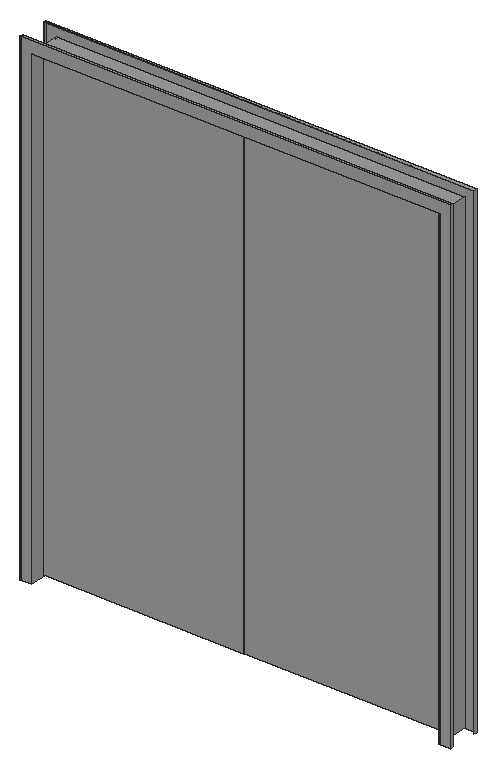
Revit family "gdlr200508_MMIDoor-COP", category Doors, host Wall, Revit 2014
Parameters (values of type "F")
  Wall Thickness [instance] = 0' - 6"
  Visual Light Transmittance = 0
  Vision Cutout = no
  Undercut [instance] = if(and(Desired Undercut > if(Nominal Height > 7' 11", 0' 0 11/16", 0' 0 1/4"), Desired Undercut < (3' 2" - 0' 4" - 0' 5 1/4")), Desired Undercut, if(Desired Undercut < 0' 0 3/4", if(Nominal Height > 7' 11", 0' 0 3/4", 0' 0 1/4"), (3' 2" - 0' 4" - 0' 5 1/4")))  # 0' - 0 3/4"
  URL = "http://mmiopenings.com/"
  Type Comments = ""
  Top Louver Blades [instance] = ((Top Cutout Height - 0' 0 11/16") / Louver Spacing)  # 11
  Narrow Cutout = no
  Top Glass = no
  Model = "COP-F"
  MMIOE HW Item VF [instance] = ""
  MMIOE HW Item MS [instance] = ""
  MMIOE HW Item LVR [instance] = ""
  MMIOE HW Item HNG [instance] = "dorma BTS75V"
  MMIOE HW Item ED [instance] = ""
  MMIOE HW Item DC [instance] = ""
  MMIOE HW Item DB [instance] = ""
  MMIOE HW Item CL [instance] = ""
  Louver Spacing [instance] = 0' - 1"  # constant formula
  Hardware Set = "01"
  Half Cutout = no
  Glass Finish [instance] = MMI Glass
  Desired Undercut [instance] = 0' - 0 3/4"
  Desired Cutout to Top [instance] = 0' - 0"
  Desired Cutout to Strike Edge [instance] = 0' - 0"
  Desired Cutout to Bottom [instance] = 0' - 0"
  Desired Bottom Cutout Width [instance] = 1' - 0"
  Desired Bottom Cutout Height [instance] = 1' - 0"
  Description = "Flush Single Door with Cased Opening Frame"
  Bottom Louver Blades [instance] = ((Bottom Cutout Height - 0' 0 11/16") / Louver Spacing)  # 11
  Bottom Glass = no
  Bottom Cutout to Strike Edge [instance] = (Net Width - Bottom Cutout Width) / 2  # 0' - 11 5/8"
  Bottom Cutout Width [instance] = if(and((Net Width - Desired Bottom Cutout Width) > (0' 5 5/8" * 2), Desired Bottom Cutout Width > 0' 3 15/16"), Desired Bottom Cutout Width, if(Desired Bottom Cutout Width < 0' 4", 0' 4", Net Width - (0' 5 5/8" * 2)))  # 1' - 0"
  Bottom Cutout Visibility [instance] = if(Bottom Cutout, 0' 1 3/4", -0' 1 3/4")  # -0' - 1 3/4"
  Bottom Cutout Height [instance] = if(and(Desired Bottom Cutout Height < (3' 2" - 0' 5 1/4"), Desired Bottom Cutout Height > 0' 3 15/16"), Desired Bottom Cutout Height, if(Desired Bottom Cutout Height < 0' 4", 0' 4", (3' 2" - 0' 5 1/4")))  # 1' - 0"
  Bottom Cutout = no
  Full Cutout = no
  Desired Top Cutout Width [instance] = 1' - 0"
  Desired Top Cutout Height [instance] = 1' - 0"
  Cutout to Top [instance] = if(and(Desired Cutout to Top > 0' 7 13/16", Desired Cutout to Top < Nominal Height - if(Full Cutout, 0' 0 1/8" + Top Cutout Height + Undercut + 0' 5 1/4", 0' 0 1/8" + Top Cutout Height + 3' 8")), Desired Cutout to Top, if(Desired Cutout to Top < 0' 7 7/8", 0' 7 7/8", Nominal Height - 0' 0 1/8" - Top Cutout Height - if(Full Cutout, Undercut + 0' 5 1/4", 3' 8")))  # 0' - 7 7/8"
  Top Cutout to Strike Edge [instance] = if(Narrow Cutout, if(and(Desired Cutout to Strike Edge > 0' 5 5/8", Desired Cutout to Strike Edge < Net Width - Top Cutout Width - 0' 5 5/8"), Desired Cutout to Strike Edge, 0' 5 5/8"), (Net Width - Top Cutout Width) / 2)  # 0' - 11 5/8"
  Cutout to Bottom [instance] = if(and(Desired Cutout to Bottom > 0' 5 3/16", Desired Cutout to Bottom < (3' 2" - Bottom Cutout Height)), Desired Cutout to Bottom, if(Desired Cutout to Bottom < 0' 5 1/4", 0' 5 1/4", 3' 2" - Bottom Cutout Height))  # 0' - 5 1/4"
  Thickness = 0' - 1 3/4"  # constant formula
  Thermal Resistance (R) = 0.2701 (m²·K)/W
  Solar Heat Gain Coefficient = 0
  Rough Width [instance] = Nominal Width + Frame Width Inset  # 6' - 4"
  Rough Height [instance] = Nominal Height + Frame Height Inset  # 7' - 2"
  Nominal Width [instance] = if(and(Desired Nominal Width < 8' 0 1/16", Desired Nominal Width > 2' 0"), Desired Nominal Width, if(Desired Nominal Width > 8' 0 1/16", 8' 0", 2' 0"))  # 6' - 0"
  Nominal Height [instance] = if(and(Desired Nominal Height < 8' 0 1/16", Desired Nominal Height > 6' 8"), Desired Nominal Height, if(Desired Nominal Height > 8' 0 1/16", 8' 0", 6' 8"))  # 7' - 0"
  Net Width [instance] = Nominal Width / 2 - 0' 0 1/8" - 0' 0 5/8"  # 2' - 11 1/4"
  Net Height [instance] = Nominal Height - Undercut - 0' 0 1/8"  # 6' - 11 1/8"
  Masonry Frame Profile [instance] = if(Masonry, if(and(Desired Profile < 1' 1 1/2", Desired Profile > 0' 3 3/4"), Desired Profile, if(Desired Profile > 1' 1 1/2", 1' 1 1/2", 0' 3 3/4")), Wall Thickness)  # 0' - 5 3/4"
  Frame Inset [instance] = (Wall Thickness - Masonry Frame Profile) / 2  # 0' - 0 1/8"
  Masonry [instance] = yes
  Manufacturer = "Metal Maufacturing Industries"
  Lock Height [instance] = 3' 3 9/16" + 0' 0 3/4"  # 3' - 4 5/16"
  Jamb Face [instance] = 0' - 2"  # constant formula
  Inset Calculate [instance] = Frame Inset + 0' 0 1/2" + (Masonry Frame Profile / 2) - (Thickness / 2)  # 0' - 2 5/8"
  Heat Transfer Coefficient (U) = 3.7021 W/(m²·K)
  Header Face [instance] = 0' - 2"  # constant formula
  Function = Exterior
  Frame Width Inset [instance] = if(Masonry, Jamb Face * 2, 0' 2")  # 0' - 4"
  Frame Projection Ext. = 0' - 1"
  Frame Projection Int. = 0' - 1"
  Frame Width = 0' - 3"
  Height = 7' - 0"
  Wall Closure = By host
  Width = 3' - 0"
  Frame Height Inset [instance] = if(Masonry, Header Face, 0' 1")  # 0' - 2"
  Frame Finish [instance] = MMI Gray Primer
  Drywall Frame Profile [instance] = if(Masonry, Wall Thickness + 0' 1", if(Wall Thickness < 0' 8 1/2", Wall Thickness + 0' 1", 0' 9 1/2"))  # 0' - 7"
  Drywall [instance] = not(Masonry)  # no
  Door Type [instance] = "Flush"
  Door Material [instance] = "Cold Rolled"
  Door Gauge [instance] = "18"
  Door Finish [instance] = MMI Gray Primer
  Desired Profile [instance] = 0' - 5 3/4"
  Desired Nominal Width [instance] = 6' - 0"
  Desired Nominal Height [instance] = 7' - 0"
  Top Cutout Width [instance] = if(and((Net Width - Desired Top Cutout Width) > (0' 5 5/8" * 2), Desired Top Cutout Width > 0' 3 15/16"), Desired Top Cutout Width, if(Desired Top Cutout Width < 0' 4", 0' 4", Net Width - (0' 5 5/8" * 2)))  # 1' - 0"
  Top Cutout Height [instance] = if(and(Desired Top Cutout Height < (Nominal Height - 0' 8" - Undercut - 0' 5 1/4"), Desired Top Cutout Height > 0' 3 15/16"), Desired Top Cutout Height, if(Desired Top Cutout Height < 0' 4", 0' 4", Nominal Height - 0' 8" - Undercut - 0' 5 1/4"))  # 1' - 0"
  Top Cutout Visibility [instance] = if(or(or(Vision Cutout, Narrow Cutout), or(Half Cutout, Full Cutout)), 0' 1 3/4", -0' 1 3/4")  # -0' - 1 3/4"
  Core [instance] = "Honey Comb"
  Bottom Louver = no
  Backset [instance] = 0' - 2 3/4"  # constant formula
  Analytic Construction = "Metal"
  Top Louver = no
Reference planes (in)
  plane 1: y = 0
  plane 2 "Center (Left/Right)": x = 0
  plane 3 "Left": x = -38
  plane 4 "Right": x = 38
  plane 5: z = 86
  plane 6 "Exterior": y = 3
  plane 7 "Interior": y = -3
  plane 8: y = 3.5
  plane 9: y = -3.5
  plane 10 "Door Face": y = 0.875
Forms (in)
  Sweep 1, solid, material "MMI Gray Primer" <- "Frame Finish", visible <- "Masonry"
    path origin (-196.85039, 0, 0) x (-1, 0, 0) y (0, 0, 1)
      loop
        line (-234.85039, 0) -> (-234.85039, 86) -> (-158.85039, 86) -> (-158.85039, 0)
    profile origin (38, 0, 43) x (1, 0, 0) y (0, 1, 0)
      loop
        line (0, 2.375) -> (0, 2.875) -> (-2, 2.875) -> (-2, -2.875) -> (0, -2.875) -> (0, -2.375) -> (-0.0625, -2.375) -> (-0.0625, -2.8125) -> (-1.9375, -2.8125) -> (-1.9375, 2.8125) -> (-0.0625, 2.8125) -> (-0.0625, 2.375) -> (0, 2.375)
  Sweep 2, solid, material "MMI Gray Primer" <- "Frame Finish", visible <- "Drywall"
    path origin (-196.85039, 0, 0) x (-1, 0, 0) y (0, 0, 1)
      loop
        line (-158.85039, 0) -> (-158.85039, 86) -> (-234.85039, 86) -> (-234.85039, 0)
    profile origin (38, 0, 43) x (0, 1, 0) y (-1, 0, 0)
      loop
        line (3, -1) -> (3.5, -1) -> (3.5, 1) -> (-3.5, 1) -> (-3.5, -1) -> (-3, -1) -> (-3, -0.75) -> (-3.0625, -0.75) -> (-3.0625, -0.9375) -> (-3.4375, -0.9375) -> (-3.4375, 0.9375) -> (3.4375, 0.9375) -> (3.4375, -0.9375) -> (3.0625, -0.9375) -> (3.0625, -0.75) -> (3, -0.75) -> (3, -1)
  Extrusion 3, solid, material "MMI Gray Primer" <- "Door Finish", detail levels medium+fine
    sketch origin (10, 0.875, 0) x (1, 0, 0) y (0, 0, 1)
      loop
        line (25.375, 0.75) -> (25.375, 83.875) -> (-9.875, 83.875) -> (-9.875, 0.75) -> (25.375, 0.75)
    from 0 to 1.75
  Extrusion 4, void
    sketch origin (0, 0.875, 0) x (1, 0, 0) y (0, 0, 1)
      loop
        line (23.75, 76) -> (11.75, 76) -> (11.75, 64) -> (23.75, 64) -> (23.75, 76)
    from -0.5 to -1.75 <- "Top Cutout Visibility"
  Extrusion 5, void
    sketch origin (0, 0.875, -38) x (1, 0, 0) y (0, 0, 1)
      loop
        line (23.75, 56) -> (11.75, 56) -> (11.75, 44) -> (23.75, 44) -> (23.75, 56)
    from -0.5 to -1.75 <- "Bottom Cutout Visibility"
  Extrusion 6, solid, material "MMI Glass" <- "Glass Finish", visible <- "Top Glass", detail levels fine
    sketch origin (0, 0.875, 0) x (1, 0, 0) y (0, 0, 1)
      loop
        line (23.75, 76) -> (11.75, 76) -> (11.75, 64) -> (23.75, 64) -> (23.75, 76)
    from 0.75 to 1
  Sweep 7, solid, material "Satin Chrome", visible <- "Top Glass", detail levels fine
    path origin (0, -0.125, 0) x (1, 0, 0) y (0, 0, 1)
      loop
        line (23.5, 64) -> (23.5, 76) -> (11.5, 76) -> (11.5, 64) -> (23.5, 64)
    profile origin (23.5, -0.125, 70) x (-1, 0, 0) y (0, -1, 0)
      loop
        line (-0.5, -1) -> (-0.5, -1.07813) -> (0.5, -1.07813) -> (1, -0.3125) -> (0, -0.3125) -> (0, 0.0625) -> (1, 0.0625) -> (0.5, 0.82812) -> (-0.5, 0.82812) -> (-0.5, 0.75) -> (0.45771, 0.75) -> (0.85567, 0.14062) -> (-0.07813, 0.14062) -> (-0.07813, -0.39063) -> (0.85567, -0.39063) -> (0.45771, -1) -> (-0.5, -1)
  Sweep 8, solid, material "Satin Chrome", visible <- "Bottom Glass", detail levels fine
    path origin (0, -0.125, -38) x (1, 0, 0) y (0, 0, 1)
      loop
        line (23.75, 44) -> (23.75, 56) -> (11.75, 56) -> (11.75, 44) -> (23.75, 44)
    profile origin (23.75, -0.125, 12) x (-1, 0, 0) y (0, -1, 0)
      loop
        line (-0.5, -1) -> (-0.5, -1.07813) -> (0.5, -1.07813) -> (1, -0.3125) -> (0, -0.3125) -> (0, 0.0625) -> (1, 0.0625) -> (0.5, 0.82812) -> (-0.5, 0.82812) -> (-0.5, 0.75) -> (0.45771, 0.75) -> (0.85567, 0.14062) -> (-0.07813, 0.14062) -> (-0.07813, -0.39063) -> (0.85567, -0.39063) -> (0.45771, -1) -> (-0.5, -1)
  Sweep 9, solid, material "Satin Chrome", visible <- "Bottom Louver", detail levels fine
    path origin (0, -0.125, 0) x (1, 0, 0) y (0, 0, 1)
      loop
        line (23.75, 6) -> (23.75, 18) -> (11.75, 18) -> (11.75, 6) -> (23.75, 6)
    profile origin (17.75, -0.125, 6) x (0, 0, -1) y (0, -1, 0)
      loop
        line (0.4375, 0.75) -> (0.25, 1) -> (-0.6875, 1) -> (-0.6875, 0.4375) -> (-0.125, 0.4375) -> (-0.125, -0.6875) -> (-0.6875, -0.6875) -> (-0.6875, -1.25) -> (0.25, -1.25) -> (0.4375, -1) -> (0.36914, -1) -> (0.22266, -1.19531) -> (-0.63281, -1.19531) -> (-0.63281, -0.74219) -> (-0.07031, -0.74219) -> (-0.07031, 0.49219) -> (-0.63281, 0.49219) -> (-0.63281, 0.94531) -> (0.22266, 0.94531) -> (0.36914, 0.75) -> (0.4375, 0.75)
  Sweep 10, solid, material "Satin Chrome", visible <- "Top Louver", detail levels fine
    path origin (0, -0.125, 38) x (1, 0, 0) y (0, 0, 1)
      loop
        line (23.5, 26) -> (23.5, 38) -> (11.5, 38) -> (11.5, 26) -> (23.5, 26)
    profile origin (17.5, -0.125, 64) x (0, 0, -1) y (0, -1, 0)
      loop
        line (0.4375, 0.75) -> (0.25, 1) -> (-0.6875, 1) -> (-0.6875, 0.4375) -> (-0.125, 0.4375) -> (-0.125, -0.6875) -> (-0.6875, -0.6875) -> (-0.6875, -1.25) -> (0.25, -1.25) -> (0.4375, -1) -> (0.36914, -1) -> (0.22266, -1.19531) -> (-0.63281, -1.19531) -> (-0.63281, -0.74219) -> (-0.07031, -0.74219) -> (-0.07031, 0.49219) -> (-0.63281, 0.49219) -> (-0.63281, 0.94531) -> (0.22266, 0.94531) -> (0.36914, 0.75) -> (0.4375, 0.75)
  Extrusion 11, solid, material "Satin Chrome", visible <- "Bottom Louver", detail levels fine
    sketch origin (23.75, 0.875, 6) x (0, 0, 1) y (0, 1, 0)
      loop
        line (0.6875, -0.3125) -> (0.6875, -0.35937) -> (1.10558, -0.35937) -> (1.62121, -0.875) -> (1.10558, -1.39062) -> (0.6875, -1.39062) -> (0.6875, -1.4375) -> (1.125, -1.4375) -> (1.6875, -0.875) -> (1.125, -0.3125) -> (0.6875, -0.3125)
    from 0 to 12 <- "Bottom Cutout Width"
  Extrusion 12, solid, material "Satin Chrome", visible <- "Bottom Louver", detail levels fine
    sketch origin (23.75, 0.875, 7) x (0, 0, 1) y (0, 1, 0)
      loop
        line (0.6875, -0.3125) -> (0.6875, -0.35937) -> (1.10558, -0.35937) -> (1.62121, -0.875) -> (1.10558, -1.39062) -> (0.6875, -1.39062) -> (0.6875, -1.4375) -> (1.125, -1.4375) -> (1.6875, -0.875) -> (1.125, -0.3125) -> (0.6875, -0.3125)
    from 0 to 12 <- "Bottom Cutout Width"
  Extrusion 13, solid, material "MMI Glass" <- "Glass Finish", visible <- "Bottom Glass", detail levels fine
    sketch origin (0, 0.875, -38) x (1, 0, 0) y (0, 0, 1)
      loop
        line (23.75, 56) -> (11.75, 56) -> (11.75, 44) -> (23.75, 44) -> (23.75, 56)
    from 0.75 to 1
  Extrusion 14, solid, material "Satin Chrome", visible <- "Top Louver", detail levels fine
    sketch origin (23.75, 0.875, 48) x (0, 0, 1) y (0, 1, 0)
      loop
        line (26.75, -0.3125) -> (26.3125, -0.3125) -> (26.3125, -0.35937) -> (26.73058, -0.35937) -> (27.24621, -0.875) -> (26.73058, -1.39062) -> (26.3125, -1.39062) -> (26.3125, -1.4375) -> (26.75, -1.4375) -> (27.3125, -0.875) -> (26.75, -0.3125)
    from 0 to 12 <- "Top Cutout Width"
  Extrusion 15, solid, material "Satin Chrome", visible <- "Top Louver", detail levels fine
    sketch origin (23.75, 0.875, 47) x (0, 0, 1) y (0, 1, 0)
      loop
        line (26.75, -0.3125) -> (26.3125, -0.3125) -> (26.3125, -0.35937) -> (26.73058, -0.35937) -> (27.24621, -0.875) -> (26.73058, -1.39062) -> (26.3125, -1.39062) -> (26.3125, -1.4375) -> (26.75, -1.4375) -> (27.3125, -0.875) -> (26.75, -0.3125)
    from 0 to 12 <- "Top Cutout Width"
  Extrusion 16, solid, material "MMI Gray Primer" <- "Door Finish", detail levels medium+fine
    sketch origin (-10, 0.875, 0) x (-1, 0, 0) y (0, 0, -1)
      loop
        line (25.375, -0.75) -> (-9.875, -0.75) -> (-9.875, -83.875) -> (25.375, -83.875) -> (25.375, -0.75)
    from 0 to 1.75
  Extrusion 17, void
    sketch origin (18, 0.875, 47.24409) x (-1, 0, 0) y (0, 0, 1)
      loop
        line (29.75, 28.75591) -> (29.75, 16.75591) -> (41.75, 16.75591) -> (41.75, 28.75591) -> (29.75, 28.75591)
    from 0.5 to 1.75
  Extrusion 18, void
    sketch origin (18, 0.875, 47.24409) x (-1, 0, 0) y (0, 0, 1)
      loop
        line (29.75, -29.24409) -> (29.75, -41.24409) -> (41.75, -41.24409) -> (41.75, -29.24409) -> (29.75, -29.24409)
    from 0.5 to 1.75
  Sweep 19, solid, material "Satin Chrome", visible <- "Bottom Glass", detail levels fine
    path origin (-36, -0.125, -38) x (1, 0, 0) y (0, 0, 1)
      loop
        line (24.25, 44) -> (24.25, 56) -> (12.25, 56) -> (12.25, 44) -> (24.25, 44)
    profile origin (-11.75, -0.125, 12) x (-1, 0, 0) y (0, -1, 0)
      loop
        line (-0.5, -1) -> (-0.5, -1.07813) -> (0.5, -1.07813) -> (1, -0.3125) -> (0, -0.3125) -> (0, 0.0625) -> (1, 0.0625) -> (0.5, 0.82812) -> (-0.5, 0.82812) -> (-0.5, 0.75) -> (0.45771, 0.75) -> (0.85567, 0.14062) -> (-0.07813, 0.14062) -> (-0.07813, -0.39063) -> (0.85567, -0.39063) -> (0.45771, -1) -> (-0.5, -1)
  Sweep 20, solid, material "Satin Chrome", visible <- "Bottom Louver", detail levels fine
    path origin (-26.49832, -0.125, 33.82146) x (1, 0, 0) y (0, 0, 1)
      loop
        line (14.74832, -27.82146) -> (14.74832, -15.82146) -> (2.74832, -15.82146) -> (2.74832, -27.82146) -> (14.74832, -27.82146)
    profile origin (-17.75, -0.125, 6) x (0, 0, -1) y (0, -1, 0)
      loop
        line (0.4375, 0.75) -> (0.25, 1) -> (-0.6875, 1) -> (-0.6875, 0.4375) -> (-0.125, 0.4375) -> (-0.125, -0.6875) -> (-0.6875, -0.6875) -> (-0.6875, -1.25) -> (0.25, -1.25) -> (0.4375, -1) -> (0.36914, -1) -> (0.22266, -1.19531) -> (-0.63281, -1.19531) -> (-0.63281, -0.74219) -> (-0.07031, -0.74219) -> (-0.07031, 0.49219) -> (-0.63281, 0.49219) -> (-0.63281, 0.94531) -> (0.22266, 0.94531) -> (0.36914, 0.75) -> (0.4375, 0.75)
  Extrusion 21, solid, material "MMI Glass" <- "Glass Finish", visible <- "Bottom Glass", detail levels fine
    sketch origin (-36, 0.875, -38) x (1, 0, 0) y (0, 0, 1)
      loop
        line (24.25, 56) -> (12.25, 56) -> (12.25, 44) -> (24.25, 44) -> (24.25, 56)
    from 0.75 to 1
  Sweep 22, solid, material "Satin Chrome", visible <- "Top Glass", detail levels fine
    path origin (-36, -0.125, 28) x (1, 0, 0) y (0, 0, 1)
      loop
        line (24.25, 36) -> (24.25, 48) -> (12.25, 48) -> (12.25, 36) -> (24.25, 36)
    profile origin (-11.75, -0.125, 70) x (-1, 0, 0) y (0, -1, 0)
      loop
        line (-0.5, -1) -> (-0.5, -1.07813) -> (0.5, -1.07813) -> (1, -0.3125) -> (0, -0.3125) -> (0, 0.0625) -> (1, 0.0625) -> (0.5, 0.82812) -> (-0.5, 0.82812) -> (-0.5, 0.75) -> (0.45771, 0.75) -> (0.85567, 0.14062) -> (-0.07813, 0.14062) -> (-0.07813, -0.39063) -> (0.85567, -0.39063) -> (0.45771, -1) -> (-0.5, -1)
  Sweep 23, solid, material "Satin Chrome", visible <- "Top Louver", detail levels fine
    path origin (-36, -0.125, 66) x (1, 0, 0) y (0, 0, 1)
      loop
        line (24.25, -2) -> (24.25, 10) -> (12.25, 10) -> (12.25, -2) -> (24.25, -2)
    profile origin (-17.75, -0.125, 64) x (0, 0, -1) y (0, -1, 0)
      loop
        line (0.4375, 0.75) -> (0.25, 1) -> (-0.6875, 1) -> (-0.6875, 0.4375) -> (-0.125, 0.4375) -> (-0.125, -0.6875) -> (-0.6875, -0.6875) -> (-0.6875, -1.25) -> (0.25, -1.25) -> (0.4375, -1) -> (0.36914, -1) -> (0.22266, -1.19531) -> (-0.63281, -1.19531) -> (-0.63281, -0.74219) -> (-0.07031, -0.74219) -> (-0.07031, 0.49219) -> (-0.63281, 0.49219) -> (-0.63281, 0.94531) -> (0.22266, 0.94531) -> (0.36914, 0.75) -> (0.4375, 0.75)
  Extrusion 24, solid, material "MMI Glass" <- "Glass Finish", visible <- "Top Glass", detail levels fine
    sketch origin (-36, 0.875, 28) x (1, 0, 0) y (0, 0, 1)
      loop
        line (24.25, 48) -> (12.25, 48) -> (12.25, 36) -> (24.25, 36) -> (24.25, 48)
    from 0.75 to 1
  Extrusion 25, solid, material "Satin Chrome", visible <- "Top Louver", detail levels fine
    sketch origin (-11.75, 0.875, 72) x (0, 0, 1) y (0, 1, 0)
      loop
        line (2.3125, -0.35937) -> (2.73058, -0.35937) -> (3.24621, -0.875) -> (2.73058, -1.39062) -> (2.3125, -1.39062) -> (2.3125, -1.4375) -> (2.75, -1.4375) -> (3.3125, -0.875) -> (2.75, -0.3125) -> (2.3125, -0.3125) -> (2.3125, -0.35937)
    from 0 to 12 <- "Top Cutout Width"
  Extrusion 26, solid, material "Satin Chrome", visible <- "Top Louver", detail levels fine
    sketch origin (-11.75, 0.875, 71) x (0, 0, 1) y (0, 1, 0)
      loop
        line (2.3125, -0.35937) -> (2.73058, -0.35937) -> (3.24621, -0.875) -> (2.73058, -1.39062) -> (2.3125, -1.39062) -> (2.3125, -1.4375) -> (2.75, -1.4375) -> (3.3125, -0.875) -> (2.75, -0.3125) -> (2.3125, -0.3125) -> (2.3125, -0.35937)
    from 0 to 12 <- "Top Cutout Width"
  Extrusion 27, solid, material "Satin Chrome", visible <- "Bottom Louver", detail levels fine
    sketch origin (-11.75, -0.1875, 6) x (0, 0, 1) y (0, 1, 0)
      loop
        line (0.6875, 0.75) -> (0.6875, 0.70313) -> (1.10558, 0.70313) -> (1.62121, 0.1875) -> (1.10558, -0.32812) -> (0.6875, -0.32812) -> (0.6875, -0.375) -> (1.125, -0.375) -> (1.6875, 0.1875) -> (1.125, 0.75) -> (0.6875, 0.75)
    from 0 to 12 <- "Bottom Cutout Width"
  Extrusion 28, solid, material "Satin Chrome", visible <- "Bottom Louver", detail levels fine
    sketch origin (-11.75, -0.1875, 7) x (0, 0, 1) y (0, 1, 0)
      loop
        line (0.6875, 0.75) -> (0.6875, 0.70313) -> (1.10558, 0.70313) -> (1.62121, 0.1875) -> (1.10558, -0.32812) -> (0.6875, -0.32812) -> (0.6875, -0.375) -> (1.125, -0.375) -> (1.6875, 0.1875) -> (1.125, 0.75) -> (0.6875, 0.75)
    from 0 to 12 <- "Bottom Cutout Width"
  Extrusion 29, solid, material "Satin Chrome", visible <- "Bottom Louver", detail levels fine
    sketch origin (23.75, 0.875, 8) x (0, 0, 1) y (0, 1, 0)
      loop
        line (0.6875, -0.3125) -> (0.6875, -0.35937) -> (1.10558, -0.35937) -> (1.62121, -0.875) -> (1.10558, -1.39062) -> (0.6875, -1.39062) -> (0.6875, -1.4375) -> (1.125, -1.4375) -> (1.6875, -0.875) -> (1.125, -0.3125) -> (0.6875, -0.3125)
    from 0 to 12 <- "Bottom Cutout Width"
  Extrusion 30, solid, material "Satin Chrome", visible <- "Top Louver", detail levels fine
    sketch origin (23.75, 0.875, 46) x (0, 0, 1) y (0, 1, 0)
      loop
        line (26.75, -0.3125) -> (26.3125, -0.3125) -> (26.3125, -0.35937) -> (26.73058, -0.35937) -> (27.24621, -0.875) -> (26.73058, -1.39062) -> (26.3125, -1.39062) -> (26.3125, -1.4375) -> (26.75, -1.4375) -> (27.3125, -0.875) -> (26.75, -0.3125)
    from 0 to 12 <- "Top Cutout Width"
  Extrusion 31, solid, material "Satin Chrome", visible <- "Top Louver", detail levels fine
    sketch origin (-11.75, 0.875, 70) x (0, 0, 1) y (0, 1, 0)
      loop
        line (2.3125, -0.35937) -> (2.73058, -0.35937) -> (3.24621, -0.875) -> (2.73058, -1.39062) -> (2.3125, -1.39062) -> (2.3125, -1.4375) -> (2.75, -1.4375) -> (3.3125, -0.875) -> (2.75, -0.3125) -> (2.3125, -0.3125) -> (2.3125, -0.35937)
    from 0 to 12 <- "Top Cutout Width"
  Extrusion 32, solid, material "Satin Chrome", visible <- "Bottom Louver", detail levels fine
    sketch origin (-11.75, -0.1875, 8) x (0, 0, 1) y (0, 1, 0)
      loop
        line (0.6875, 0.75) -> (0.6875, 0.70313) -> (1.10558, 0.70313) -> (1.62121, 0.1875) -> (1.10558, -0.32812) -> (0.6875, -0.32812) -> (0.6875, -0.375) -> (1.125, -0.375) -> (1.6875, 0.1875) -> (1.125, 0.75) -> (0.6875, 0.75)
    from 0 to 12 <- "Bottom Cutout Width"
  Extrusion 33, solid, material "Satin Chrome", visible <- "Bottom Louver", detail levels fine
    sketch origin (23.75, 0.875, 9) x (0, 0, 1) y (0, 1, 0)
      loop
        line (0.6875, -0.3125) -> (0.6875, -0.35937) -> (1.10558, -0.35937) -> (1.62121, -0.875) -> (1.10558, -1.39062) -> (0.6875, -1.39062) -> (0.6875, -1.4375) -> (1.125, -1.4375) -> (1.6875, -0.875) -> (1.125, -0.3125) -> (0.6875, -0.3125)
    from 0 to 12 <- "Bottom Cutout Width"
  Extrusion 34, solid, material "Satin Chrome", visible <- "Bottom Louver", detail levels fine
    sketch origin (23.75, 0.875, 10) x (0, 0, 1) y (0, 1, 0)
      loop
        line (0.6875, -0.3125) -> (0.6875, -0.35937) -> (1.10558, -0.35937) -> (1.62121, -0.875) -> (1.10558, -1.39062) -> (0.6875, -1.39062) -> (0.6875, -1.4375) -> (1.125, -1.4375) -> (1.6875, -0.875) -> (1.125, -0.3125) -> (0.6875, -0.3125)
    from 0 to 12 <- "Bottom Cutout Width"
  Extrusion 35, solid, material "Satin Chrome", visible <- "Bottom Louver", detail levels fine
    sketch origin (23.75, 0.875, 11) x (0, 0, 1) y (0, 1, 0)
      loop
        line (0.6875, -0.3125) -> (0.6875, -0.35937) -> (1.10558, -0.35937) -> (1.62121, -0.875) -> (1.10558, -1.39062) -> (0.6875, -1.39062) -> (0.6875, -1.4375) -> (1.125, -1.4375) -> (1.6875, -0.875) -> (1.125, -0.3125) -> (0.6875, -0.3125)
    from 0 to 12 <- "Bottom Cutout Width"
  Extrusion 36, solid, material "Satin Chrome", visible <- "Bottom Louver", detail levels fine
    sketch origin (23.75, 0.875, 12) x (0, 0, 1) y (0, 1, 0)
      loop
        line (0.6875, -0.3125) -> (0.6875, -0.35937) -> (1.10558, -0.35937) -> (1.62121, -0.875) -> (1.10558, -1.39062) -> (0.6875, -1.39062) -> (0.6875, -1.4375) -> (1.125, -1.4375) -> (1.6875, -0.875) -> (1.125, -0.3125) -> (0.6875, -0.3125)
    from 0 to 12 <- "Bottom Cutout Width"
  Extrusion 37, solid, material "Satin Chrome", visible <- "Bottom Louver", detail levels fine
    sketch origin (23.75, 0.875, 13) x (0, 0, 1) y (0, 1, 0)
      loop
        line (0.6875, -0.3125) -> (0.6875, -0.35937) -> (1.10558, -0.35937) -> (1.62121, -0.875) -> (1.10558, -1.39062) -> (0.6875, -1.39062) -> (0.6875, -1.4375) -> (1.125, -1.4375) -> (1.6875, -0.875) -> (1.125, -0.3125) -> (0.6875, -0.3125)
    from 0 to 12 <- "Bottom Cutout Width"
  Extrusion 38, solid, material "Satin Chrome", visible <- "Bottom Louver", detail levels fine
    sketch origin (23.75, 0.875, 14) x (0, 0, 1) y (0, 1, 0)
      loop
        line (0.6875, -0.3125) -> (0.6875, -0.35937) -> (1.10558, -0.35937) -> (1.62121, -0.875) -> (1.10558, -1.39062) -> (0.6875, -1.39062) -> (0.6875, -1.4375) -> (1.125, -1.4375) -> (1.6875, -0.875) -> (1.125, -0.3125) -> (0.6875, -0.3125)
    from 0 to 12 <- "Bottom Cutout Width"
  Extrusion 39, solid, material "Satin Chrome", visible <- "Bottom Louver", detail levels fine
    sketch origin (23.75, 0.875, 15) x (0, 0, 1) y (0, 1, 0)
      loop
        line (0.6875, -0.3125) -> (0.6875, -0.35937) -> (1.10558, -0.35937) -> (1.62121, -0.875) -> (1.10558, -1.39062) -> (0.6875, -1.39062) -> (0.6875, -1.4375) -> (1.125, -1.4375) -> (1.6875, -0.875) -> (1.125, -0.3125) -> (0.6875, -0.3125)
    from 0 to 12 <- "Bottom Cutout Width"
  Extrusion 40, solid, material "Satin Chrome", visible <- "Bottom Louver", detail levels fine
    sketch origin (23.75, 0.875, 16) x (0, 0, 1) y (0, 1, 0)
      loop
        line (0.6875, -0.3125) -> (0.6875, -0.35937) -> (1.10558, -0.35937) -> (1.62121, -0.875) -> (1.10558, -1.39062) -> (0.6875, -1.39062) -> (0.6875, -1.4375) -> (1.125, -1.4375) -> (1.6875, -0.875) -> (1.125, -0.3125) -> (0.6875, -0.3125)
    from 0 to 12 <- "Bottom Cutout Width"
  Extrusion 41, solid, material "Satin Chrome", visible <- "Top Louver", detail levels fine
    sketch origin (23.75, 0.875, 45) x (0, 0, 1) y (0, 1, 0)
      loop
        line (26.75, -0.3125) -> (26.3125, -0.3125) -> (26.3125, -0.35937) -> (26.73058, -0.35937) -> (27.24621, -0.875) -> (26.73058, -1.39062) -> (26.3125, -1.39062) -> (26.3125, -1.4375) -> (26.75, -1.4375) -> (27.3125, -0.875) -> (26.75, -0.3125)
    from 0 to 12 <- "Top Cutout Width"
  Extrusion 42, solid, material "Satin Chrome", visible <- "Top Louver", detail levels fine
    sketch origin (23.75, 0.875, 44) x (0, 0, 1) y (0, 1, 0)
      loop
        line (26.75, -0.3125) -> (26.3125, -0.3125) -> (26.3125, -0.35937) -> (26.73058, -0.35937) -> (27.24621, -0.875) -> (26.73058, -1.39062) -> (26.3125, -1.39062) -> (26.3125, -1.4375) -> (26.75, -1.4375) -> (27.3125, -0.875) -> (26.75, -0.3125)
    from 0 to 12 <- "Top Cutout Width"
  Extrusion 43, solid, material "Satin Chrome", visible <- "Top Louver", detail levels fine
    sketch origin (23.75, 0.875, 43) x (0, 0, 1) y (0, 1, 0)
      loop
        line (26.75, -0.3125) -> (26.3125, -0.3125) -> (26.3125, -0.35937) -> (26.73058, -0.35937) -> (27.24621, -0.875) -> (26.73058, -1.39062) -> (26.3125, -1.39062) -> (26.3125, -1.4375) -> (26.75, -1.4375) -> (27.3125, -0.875) -> (26.75, -0.3125)
    from 0 to 12 <- "Top Cutout Width"
  Extrusion 44, solid, material "Satin Chrome", visible <- "Top Louver", detail levels fine
    sketch origin (23.75, 0.875, 42) x (0, 0, 1) y (0, 1, 0)
      loop
        line (26.75, -0.3125) -> (26.3125, -0.3125) -> (26.3125, -0.35937) -> (26.73058, -0.35937) -> (27.24621, -0.875) -> (26.73058, -1.39062) -> (26.3125, -1.39062) -> (26.3125, -1.4375) -> (26.75, -1.4375) -> (27.3125, -0.875) -> (26.75, -0.3125)
    from 0 to 12 <- "Top Cutout Width"
  Extrusion 45, solid, material "Satin Chrome", visible <- "Top Louver", detail levels fine
    sketch origin (23.75, 0.875, 41) x (0, 0, 1) y (0, 1, 0)
      loop
        line (26.75, -0.3125) -> (26.3125, -0.3125) -> (26.3125, -0.35937) -> (26.73058, -0.35937) -> (27.24621, -0.875) -> (26.73058, -1.39062) -> (26.3125, -1.39062) -> (26.3125, -1.4375) -> (26.75, -1.4375) -> (27.3125, -0.875) -> (26.75, -0.3125)
    from 0 to 12 <- "Top Cutout Width"
  Extrusion 46, solid, material "Satin Chrome", visible <- "Top Louver", detail levels fine
    sketch origin (23.75, 0.875, 40) x (0, 0, 1) y (0, 1, 0)
      loop
        line (26.75, -0.3125) -> (26.3125, -0.3125) -> (26.3125, -0.35937) -> (26.73058, -0.35937) -> (27.24621, -0.875) -> (26.73058, -1.39062) -> (26.3125, -1.39062) -> (26.3125, -1.4375) -> (26.75, -1.4375) -> (27.3125, -0.875) -> (26.75, -0.3125)
    from 0 to 12 <- "Top Cutout Width"
  Extrusion 47, solid, material "Satin Chrome", visible <- "Top Louver", detail levels fine
    sketch origin (23.75, 0.875, 39) x (0, 0, 1) y (0, 1, 0)
      loop
        line (26.75, -0.3125) -> (26.3125, -0.3125) -> (26.3125, -0.35937) -> (26.73058, -0.35937) -> (27.24621, -0.875) -> (26.73058, -1.39062) -> (26.3125, -1.39062) -> (26.3125, -1.4375) -> (26.75, -1.4375) -> (27.3125, -0.875) -> (26.75, -0.3125)
    from 0 to 12 <- "Top Cutout Width"
  Extrusion 48, solid, material "Satin Chrome", visible <- "Top Louver", detail levels fine
    sketch origin (23.75, 0.875, 38) x (0, 0, 1) y (0, 1, 0)
      loop
        line (26.75, -0.3125) -> (26.3125, -0.3125) -> (26.3125, -0.35937) -> (26.73058, -0.35937) -> (27.24621, -0.875) -> (26.73058, -1.39062) -> (26.3125, -1.39062) -> (26.3125, -1.4375) -> (26.75, -1.4375) -> (27.3125, -0.875) -> (26.75, -0.3125)
    from 0 to 12 <- "Top Cutout Width"
  Extrusion 49, solid, material "Satin Chrome", visible <- "Top Louver", detail levels fine
    sketch origin (-11.75, 0.875, 69) x (0, 0, 1) y (0, 1, 0)
      loop
        line (2.3125, -0.35937) -> (2.73058, -0.35937) -> (3.24621, -0.875) -> (2.73058, -1.39062) -> (2.3125, -1.39062) -> (2.3125, -1.4375) -> (2.75, -1.4375) -> (3.3125, -0.875) -> (2.75, -0.3125) -> (2.3125, -0.3125) -> (2.3125, -0.35937)
    from 0 to 12 <- "Top Cutout Width"
  Extrusion 50, solid, material "Satin Chrome", visible <- "Top Louver", detail levels fine
    sketch origin (-11.75, 0.875, 68) x (0, 0, 1) y (0, 1, 0)
      loop
        line (2.3125, -0.35937) -> (2.73058, -0.35937) -> (3.24621, -0.875) -> (2.73058, -1.39062) -> (2.3125, -1.39062) -> (2.3125, -1.4375) -> (2.75, -1.4375) -> (3.3125, -0.875) -> (2.75, -0.3125) -> (2.3125, -0.3125) -> (2.3125, -0.35937)
    from 0 to 12 <- "Top Cutout Width"
  Extrusion 51, solid, material "Satin Chrome", visible <- "Top Louver", detail levels fine
    sketch origin (-11.75, 0.875, 67) x (0, 0, 1) y (0, 1, 0)
      loop
        line (2.3125, -0.35937) -> (2.73058, -0.35937) -> (3.24621, -0.875) -> (2.73058, -1.39062) -> (2.3125, -1.39062) -> (2.3125, -1.4375) -> (2.75, -1.4375) -> (3.3125, -0.875) -> (2.75, -0.3125) -> (2.3125, -0.3125) -> (2.3125, -0.35937)
    from 0 to 12 <- "Top Cutout Width"
  Extrusion 52, solid, material "Satin Chrome", visible <- "Top Louver", detail levels fine
    sketch origin (-11.75, 0.875, 66) x (0, 0, 1) y (0, 1, 0)
      loop
        line (2.3125, -0.35937) -> (2.73058, -0.35937) -> (3.24621, -0.875) -> (2.73058, -1.39062) -> (2.3125, -1.39062) -> (2.3125, -1.4375) -> (2.75, -1.4375) -> (3.3125, -0.875) -> (2.75, -0.3125) -> (2.3125, -0.3125) -> (2.3125, -0.35937)
    from 0 to 12 <- "Top Cutout Width"
  Extrusion 53, solid, material "Satin Chrome", visible <- "Top Louver", detail levels fine
    sketch origin (-11.75, 0.875, 65) x (0, 0, 1) y (0, 1, 0)
      loop
        line (2.3125, -0.35937) -> (2.73058, -0.35937) -> (3.24621, -0.875) -> (2.73058, -1.39062) -> (2.3125, -1.39062) -> (2.3125, -1.4375) -> (2.75, -1.4375) -> (3.3125, -0.875) -> (2.75, -0.3125) -> (2.3125, -0.3125) -> (2.3125, -0.35937)
    from 0 to 12 <- "Top Cutout Width"
  Extrusion 54, solid, material "Satin Chrome", visible <- "Top Louver", detail levels fine
    sketch origin (-11.75, 0.875, 64) x (0, 0, 1) y (0, 1, 0)
      loop
        line (2.3125, -0.35937) -> (2.73058, -0.35937) -> (3.24621, -0.875) -> (2.73058, -1.39062) -> (2.3125, -1.39062) -> (2.3125, -1.4375) -> (2.75, -1.4375) -> (3.3125, -0.875) -> (2.75, -0.3125) -> (2.3125, -0.3125) -> (2.3125, -0.35937)
    from 0 to 12 <- "Top Cutout Width"
  Extrusion 55, solid, material "Satin Chrome", visible <- "Top Louver", detail levels fine
    sketch origin (-11.75, 0.875, 63) x (0, 0, 1) y (0, 1, 0)
      loop
        line (2.3125, -0.35937) -> (2.73058, -0.35937) -> (3.24621, -0.875) -> (2.73058, -1.39062) -> (2.3125, -1.39062) -> (2.3125, -1.4375) -> (2.75, -1.4375) -> (3.3125, -0.875) -> (2.75, -0.3125) -> (2.3125, -0.3125) -> (2.3125, -0.35937)
    from 0 to 12 <- "Top Cutout Width"
  Extrusion 56, solid, material "Satin Chrome", visible <- "Top Louver", detail levels fine
    sketch origin (-11.75, 0.875, 62) x (0, 0, 1) y (0, 1, 0)
      loop
        line (2.3125, -0.35937) -> (2.73058, -0.35937) -> (3.24621, -0.875) -> (2.73058, -1.39062) -> (2.3125, -1.39062) -> (2.3125, -1.4375) -> (2.75, -1.4375) -> (3.3125, -0.875) -> (2.75, -0.3125) -> (2.3125, -0.3125) -> (2.3125, -0.35937)
    from 0 to 12 <- "Top Cutout Width"
  Extrusion 57, solid, material "Satin Chrome", visible <- "Bottom Louver", detail levels fine
    sketch origin (-11.75, -0.1875, 9) x (0, 0, 1) y (0, 1, 0)
      loop
        line (0.6875, 0.75) -> (0.6875, 0.70313) -> (1.10558, 0.70313) -> (1.62121, 0.1875) -> (1.10558, -0.32812) -> (0.6875, -0.32812) -> (0.6875, -0.375) -> (1.125, -0.375) -> (1.6875, 0.1875) -> (1.125, 0.75) -> (0.6875, 0.75)
    from 0 to 12 <- "Bottom Cutout Width"
  Extrusion 58, solid, material "Satin Chrome", visible <- "Bottom Louver", detail levels fine
    sketch origin (-11.75, -0.1875, 10) x (0, 0, 1) y (0, 1, 0)
      loop
        line (0.6875, 0.75) -> (0.6875, 0.70313) -> (1.10558, 0.70313) -> (1.62121, 0.1875) -> (1.10558, -0.32812) -> (0.6875, -0.32812) -> (0.6875, -0.375) -> (1.125, -0.375) -> (1.6875, 0.1875) -> (1.125, 0.75) -> (0.6875, 0.75)
    from 0 to 12 <- "Bottom Cutout Width"
  Extrusion 59, solid, material "Satin Chrome", visible <- "Bottom Louver", detail levels fine
    sketch origin (-11.75, -0.1875, 11) x (0, 0, 1) y (0, 1, 0)
      loop
        line (0.6875, 0.75) -> (0.6875, 0.70313) -> (1.10558, 0.70313) -> (1.62121, 0.1875) -> (1.10558, -0.32812) -> (0.6875, -0.32812) -> (0.6875, -0.375) -> (1.125, -0.375) -> (1.6875, 0.1875) -> (1.125, 0.75) -> (0.6875, 0.75)
    from 0 to 12 <- "Bottom Cutout Width"
  Extrusion 60, solid, material "Satin Chrome", visible <- "Bottom Louver", detail levels fine
    sketch origin (-11.75, -0.1875, 12) x (0, 0, 1) y (0, 1, 0)
      loop
        line (0.6875, 0.75) -> (0.6875, 0.70313) -> (1.10558, 0.70313) -> (1.62121, 0.1875) -> (1.10558, -0.32812) -> (0.6875, -0.32812) -> (0.6875, -0.375) -> (1.125, -0.375) -> (1.6875, 0.1875) -> (1.125, 0.75) -> (0.6875, 0.75)
    from 0 to 12 <- "Bottom Cutout Width"
  Extrusion 61, solid, material "Satin Chrome", visible <- "Bottom Louver", detail levels fine
    sketch origin (-11.75, -0.1875, 13) x (0, 0, 1) y (0, 1, 0)
      loop
        line (0.6875, 0.75) -> (0.6875, 0.70313) -> (1.10558, 0.70313) -> (1.62121, 0.1875) -> (1.10558, -0.32812) -> (0.6875, -0.32812) -> (0.6875, -0.375) -> (1.125, -0.375) -> (1.6875, 0.1875) -> (1.125, 0.75) -> (0.6875, 0.75)
    from 0 to 12 <- "Bottom Cutout Width"
  Extrusion 62, solid, material "Satin Chrome", visible <- "Bottom Louver", detail levels fine
    sketch origin (-11.75, -0.1875, 14) x (0, 0, 1) y (0, 1, 0)
      loop
        line (0.6875, 0.75) -> (0.6875, 0.70313) -> (1.10558, 0.70313) -> (1.62121, 0.1875) -> (1.10558, -0.32812) -> (0.6875, -0.32812) -> (0.6875, -0.375) -> (1.125, -0.375) -> (1.6875, 0.1875) -> (1.125, 0.75) -> (0.6875, 0.75)
    from 0 to 12 <- "Bottom Cutout Width"
  Extrusion 63, solid, material "Satin Chrome", visible <- "Bottom Louver", detail levels fine
    sketch origin (-11.75, -0.1875, 15) x (0, 0, 1) y (0, 1, 0)
      loop
        line (0.6875, 0.75) -> (0.6875, 0.70313) -> (1.10558, 0.70313) -> (1.62121, 0.1875) -> (1.10558, -0.32812) -> (0.6875, -0.32812) -> (0.6875, -0.375) -> (1.125, -0.375) -> (1.6875, 0.1875) -> (1.125, 0.75) -> (0.6875, 0.75)
    from 0 to 12 <- "Bottom Cutout Width"
  Extrusion 64, solid, material "Satin Chrome", visible <- "Bottom Louver", detail levels fine
    sketch origin (-11.75, -0.1875, 16) x (0, 0, 1) y (0, 1, 0)
      loop
        line (0.6875, 0.75) -> (0.6875, 0.70313) -> (1.10558, 0.70313) -> (1.62121, 0.1875) -> (1.10558, -0.32812) -> (0.6875, -0.32812) -> (0.6875, -0.375) -> (1.125, -0.375) -> (1.6875, 0.1875) -> (1.125, 0.75) -> (0.6875, 0.75)
    from 0 to 12 <- "Bottom Cutout Width"
Cuts and joins
  Extrusion 4, Extrusion 5 cuts Extrusion 3
  Extrusion 17, Extrusion 18 cuts Extrusion 16
Lines and regions (in)
  Opening 1
    outline origin (-120.07874, -3, 0) x (1, 0, 0) y (0, 0, 1)
      loop
        line (82.07874, 0) -> (158.07874, 0) -> (158.07874, 86) -> (82.07874, 86) -> (82.07874, 0)
  symbolic lines, style "DoorsPanelProjection"
    curve 1: line (35.375, 0.875, 0) -> (33.625, 0.875, 0)
    curve 2: line (35.375, 36.125, 0) -> (35.375, 0.875, 0)
    curve 3: line (33.625, 36.125, 0) -> (35.375, 36.125, 0)
    curve 4: line (33.625, 0.875, 0) -> (33.625, 36.125, 0)
    curve 8: line (-35.375, 0.875, 0) -> (-33.625, 0.875, 0)
    curve 9: line (-35.375, 36.125, 0) -> (-35.375, 0.875, 0)
    curve 10: line (-33.625, 36.125, 0) -> (-35.375, 36.125, 0)
    curve 11: line (-33.625, 0.875, 0) -> (-33.625, 36.125, 0)
    curve 15: line (35.375, -36.125, 0) -> (35.375, -0.875, 0)
    curve 17: line (-35.375, -36.125, 0) -> (-35.375, -0.875, 0)
  symbolic lines, style "Plan Swing"
    curve 5: arc (35.375, 36.125, 0) -> (10.44949, 25.80051, 0) -> (0.125, 0.875, 0) r 35.25
    curve 12: arc (-35.375, 36.125, 0) -> (-10.44949, 25.80051, 0) -> (-0.125, 0.875, 0) r 35.25
    curve 16: arc (35.375, -36.125, 0) -> (10.44949, -25.80051, 0) -> (0.125, -0.875, 0) r 35.25
    curve 18: arc (-35.375, -36.125, 0) -> (-10.44949, -25.80051, 0) -> (-0.125, -0.875, 0) r 35.25
  symbolic lines, style "Elevation Swing"
    curve 6: line (35.875, 0.875, 83.875) -> (0.125, 0.875, 39.72743)
    curve 7: line (0.125, 0.875, 39.72743) -> (35.875, 0.875, 0.75)
    curve 13: line (-35.875, 0.875, 83.875) -> (-0.125, 0.875, 39.72743)
    curve 14: line (-0.125, 0.875, 39.72743) -> (-35.875, 0.875, 0.75)
Text (in)
  text "Exterior" at (-90.35496, 43.28909, 0), in view "Ref. Level"
  text "Exterior" at (0, 63.59764, 145.59372), in view "Left"
  text "Exterior" at (0, 40.78868, 152.55637), in view "Right"
Dimensions and locks (in)
  equal spacing: plane 3 "Left", plane 2 "Center (Left/Right)", plane 4 "Right"
  "Rough Width": plane 3 "Left" to plane 4 "Right"
  host wall to plane 5 = 7' - 2"
  "Rough Height": host wall to plane 5
  locked: plane 6 "Exterior" to host wall at 0
  locked: plane 7 "Interior" to host wall
  equal spacing: Sweep 1 sketch curve, profile plane, Sweep 1 sketch curve
  profile plane to Sweep 2 sketch curve = 0' - 1"
  Sweep 2 sketch curve to Sweep 2 sketch curve = 0' - 2"
  Sweep 2 sketch curve to Sweep 2 sketch curve = 0' - 0 1/4"
  Sweep 2 sketch curve to Sweep 2 sketch curve = 0' - 0 1/2"
  equal spacing: Sweep 2 sketch curve, profile plane, Sweep 2 sketch curve
  equal spacing: Sweep 1, plane 2 "Center (Left/Right)", Sweep 1
  "Frame Inset": Sweep 1 to plane 6 "Exterior"
  "Inset Calculate": plane 10 "Door Face" to plane 8
  plane 6 "Exterior" to plane 8 = 0' - 0 1/2"
  "Undercut": level to Extrusion 3 sketch curve
  "Net Width": Extrusion 3 sketch curve to Extrusion 3 sketch curve
  "Net Height": Extrusion 3 sketch curve to Extrusion 3 sketch curve
  "Thickness": curve 4 to curve 2
  "Net Width": curve 3 to curve 1
  "Wall Thickness": host wall to host wall
  "Drywall Frame Profile": Sweep 2 to Sweep 2
  "Masonry Frame Profile": Sweep 1 to Sweep 1
  "Top Cutout Width": Extrusion 4 sketch curve to Extrusion 4 sketch curve
  "Top Cutout Height": Extrusion 4 sketch curve to Extrusion 4 sketch curve
  "Bottom Cutout Width": Extrusion 5 sketch curve to Extrusion 5 sketch curve
  "Bottom Cutout Height": Extrusion 5 sketch curve to Extrusion 5 sketch curve
  equal spacing: group 1, group 2, group 9, group 13, group 14, group 15, group 16, group 17, group 18, group 19, group 20  (x3)
  equal spacing: group 3, group 4, group 10, group 21, group 22, group 23, group 24, group 25, group 26, group 27, group 28  (x2)
  equal spacing: group 28, group 27, group 26, group 25, group 24, group 23, group 22, group 21, group 10, group 4, group 3
  "Louver Spacing": Extrusion 15 to Extrusion 14
  "Louver Spacing": Extrusion 11 to Extrusion 12
  "Top Cutout to Strike Edge": Extrusion 4 sketch curve to cut or joined group of Extrusion 3, Extrusion 4, Extrusion 5
  "Bottom Cutout to Strike Edge": Extrusion 5 sketch curve to cut or joined group of Extrusion 3, Extrusion 4, Extrusion 5
  "Cutout to Top": Extrusion 4 sketch curve to cut or joined group of Extrusion 3, Extrusion 4, Extrusion 5
  "Net Width": Extrusion 16 sketch curve to Extrusion 16 sketch curve
  "Net Height": Extrusion 16 sketch curve to Extrusion 16 sketch curve
  "Thickness": curve 11 to curve 9
  "Net Width": curve 10 to curve 8
  "Top Cutout to Strike Edge": cut or joined group of Extrusion 16, Extrusion 17, Extrusion 18 to Extrusion 17 sketch curve
  "Cutout to Top": Extrusion 17 sketch curve to cut or joined group of Extrusion 16, Extrusion 17, Extrusion 18
  "Top Cutout Height": Extrusion 17 sketch curve to Extrusion 17 sketch curve
  "Top Cutout Width": Extrusion 17 sketch curve to Extrusion 17 sketch curve
  "Bottom Cutout Width": Extrusion 18 sketch curve to Extrusion 18 sketch curve
  "Bottom Cutout Height": Extrusion 18 sketch curve to Extrusion 18 sketch curve
  "Bottom Cutout to Strike Edge": cut or joined group of Extrusion 16, Extrusion 17, Extrusion 18 to Extrusion 18 sketch curve
  "Bottom Cutout to Strike Edge": cut or joined group of Extrusion 16, Extrusion 17, Extrusion 18 to Sweep 20 sketch curve
  "Bottom Cutout Width": Sweep 20 sketch curve to Sweep 20 sketch curve
  "Bottom Cutout Height": Sweep 20 sketch curve to Sweep 20 sketch curve
  equal spacing: group 5, group 6, group 11, group 29, group 30, group 31, group 32, group 33, group 34, group 35, group 36  (x2)
  equal spacing: group 36, group 35, group 34, group 33, group 32, group 31, group 30, group 29, group 11, group 6, group 5
  locked: Extrusion 25 to Sweep 23 at 1
  "Louver Spacing": Extrusion 26 to Extrusion 25
  equal spacing: group 7, group 8, group 12, group 37, group 38, group 39, group 40, group 41, group 42, group 43, group 44  (x3)
  "Louver Spacing": Extrusion 27 to Extrusion 28
  "Cutout to Bottom": cut or joined group of Extrusion 3, Extrusion 4, Extrusion 5 to Extrusion 5
  "Cutout to Bottom": cut or joined group of Extrusion 16, Extrusion 17, Extrusion 18 to Extrusion 18
  "Undercut": level to cut or joined group of Extrusion 16, Extrusion 17, Extrusion 18
  "Net Width": radius of curve 5
  "Net Width": radius of curve 12
  "Net Width": radius of curve 16
  "Net Width": radius of curve 18
  aligned and locked: plane 3 "Left" to Opening 1 sketch curve
  aligned and locked: plane 5 to Opening 1 sketch curve  (x2)
  aligned and locked: Opening 1 sketch curve to plane 4 "Right"
  aligned and locked: Opening 1 sketch curve to level
  aligned and locked: plane 1 to host wall
  aligned and locked: Sweep 2 sketch curve to plane 6 "Exterior"
  aligned and locked: curve 2 to Extrusion 3
  aligned and locked: Sweep 7 sketch curve to Extrusion 4  (x2)
  aligned and locked: Sweep 8 sketch curve to Extrusion 5  (x4)
  aligned and locked: Extrusion 5 to Sweep 9 sketch curve  (x2)
  aligned and locked: Extrusion 4 to Sweep 10 sketch curve
  aligned and locked: Sweep 10 sketch curve to Extrusion 4
  aligned and locked: cut or joined group of Extrusion 3, Extrusion 4, Extrusion 5 to Extrusion 11  (x2)
  aligned and locked: cut or joined group of Extrusion 3, Extrusion 4, Extrusion 5 to Extrusion 12  (x2)
  aligned and locked: Extrusion 6 sketch curve to cut or joined group of Extrusion 3, Extrusion 4, Extrusion 5  (x4)
  aligned and locked: cut or joined group of Extrusion 3, Extrusion 4, Extrusion 5 to Extrusion 14  (x2)
  aligned and locked: Extrusion 14 to Sweep 10  (x2)
  aligned and locked: Extrusion 11 to Sweep 9
  aligned and locked: Extrusion 14 to Extrusion 15  (x3)
  aligned and locked: Extrusion 13 to Sweep 8  (x3)
  aligned and locked: Extrusion 14 to cut or joined group of Extrusion 3, Extrusion 4, Extrusion 5  (x2)
  aligned and locked: curve 9 to Extrusion 16
  aligned and locked: Extrusion 4 to Extrusion 17  (x3)
  aligned and locked: Extrusion 17 to Extrusion 4  (x4)
  aligned and locked: Extrusion 18 to Extrusion 5
  aligned and locked: Extrusion 5 to Extrusion 18
  aligned and locked: Extrusion 21 to Sweep 19  (x3)
  aligned and locked: Extrusion 24 to Sweep 22  (x3)
  aligned and locked: Sweep 19 sketch curve to Extrusion 18  (x4)
  aligned and locked: Sweep 22 sketch curve to Extrusion 17  (x4)
  aligned and locked: Sweep 23 sketch curve to Extrusion 17  (x4)
  aligned and locked: Extrusion 21 sketch curve to Extrusion 18  (x4)
  aligned and locked: Extrusion 24 sketch curve to Extrusion 17  (x4)
  aligned and locked: Extrusion 17 to Extrusion 25  (x2)
  aligned and locked: Extrusion 25 to Extrusion 26  (x2)
  aligned and locked: Extrusion 25 to Sweep 10
  aligned and locked: Extrusion 14 to Sweep 23
  aligned and locked: Extrusion 15 to Extrusion 14
  aligned and locked: Extrusion 12 to Extrusion 11
  aligned and locked: Sweep 20 to Sweep 9
  aligned and locked: Extrusion 11 to Sweep 20
  aligned and locked: Sweep 19 to Extrusion 27
  aligned and locked: Extrusion 28 to Extrusion 27
  aligned and locked: Extrusion 27 to Sweep 20  (x2)
  aligned and locked: Extrusion 28 to Sweep 20
  aligned and locked: Sweep 9 sketch curve to Extrusion 5  (x2)
  aligned and locked: Extrusion 13 sketch curve to Extrusion 5  (x4)
  aligned and locked: curve 15 to cut or joined group of Extrusion 3, Extrusion 4, Extrusion 5
  aligned and locked: Sweep 20 sketch curve to Extrusion 18
  aligned and locked: cut or joined group of Extrusion 3, Extrusion 4, Extrusion 5 to curve 15
Automatic sketch dimensions
  Extrusion 11 sketch curve to Extrusion 11 sketch curve = 0' - 0.41808"  (x2)
  Extrusion 11 sketch curve to Extrusion 11 sketch curve = 0' - 0"  (x2)
  Extrusion 11 sketch curve to Extrusion 11 sketch curve = 0' - 0.01942"  (x2)
  Extrusion 11 sketch curve to Extrusion 11 sketch curve = 0' - 0 33/64"  (x2)
  Extrusion 11 sketch curve to Extrusion 11 sketch curve = 0' - 0.06629"
  Extrusion 11 sketch curve to Extrusion 11 sketch curve = 0' - 0 3/64"
  Extrusion 12 sketch curve to Extrusion 12 sketch curve = 0' - 0.41808"  (x2)
  Extrusion 12 sketch curve to Extrusion 12 sketch curve = 0' - 0"  (x2)
  Extrusion 12 sketch curve to Extrusion 12 sketch curve = 0' - 0.01942"  (x2)
  Extrusion 12 sketch curve to Extrusion 12 sketch curve = 0' - 0 33/64"  (x2)
  Extrusion 12 sketch curve to Extrusion 12 sketch curve = 0' - 0.06629"
  Extrusion 12 sketch curve to Extrusion 12 sketch curve = 0' - 0 3/64"
  Extrusion 14 sketch curve to Extrusion 14 sketch curve = 0' - 0.41808"  (x2)
  Extrusion 14 sketch curve to Extrusion 14 sketch curve = 0' - 0"  (x2)
  Extrusion 14 sketch curve to Extrusion 14 sketch curve = 0' - 0.01942"  (x2)
  Extrusion 14 sketch curve to Extrusion 14 sketch curve = 0' - 0 33/64"  (x2)
  Extrusion 14 sketch curve to Extrusion 14 sketch curve = 0' - 0.06629"
  Extrusion 14 sketch curve to Extrusion 14 sketch curve = 0' - 0 3/64"
  Extrusion 15 sketch curve to Extrusion 15 sketch curve = 0' - 0.41808"  (x2)
  Extrusion 15 sketch curve to Extrusion 15 sketch curve = 0' - 0"  (x2)
  Extrusion 15 sketch curve to Extrusion 15 sketch curve = 0' - 0.01942"  (x2)
  Extrusion 15 sketch curve to Extrusion 15 sketch curve = 0' - 0 33/64"  (x2)
  Extrusion 15 sketch curve to Extrusion 15 sketch curve = 0' - 0.06629"
  Extrusion 15 sketch curve to Extrusion 15 sketch curve = 0' - 0 3/64"
  Extrusion 25 sketch curve to Extrusion 25 sketch curve = 0' - 0"  (x2)
  Extrusion 25 sketch curve to Extrusion 25 sketch curve = 0' - 0.41808"  (x2)
  Extrusion 25 sketch curve to Extrusion 25 sketch curve = 0' - 0.01942"  (x2)
  Extrusion 25 sketch curve to Extrusion 25 sketch curve = 0' - 0 33/64"  (x2)
  Extrusion 25 sketch curve to Extrusion 25 sketch curve = 0' - 0.06629"
  Extrusion 25 sketch curve to Extrusion 25 sketch curve = 0' - 0 3/64"
  Extrusion 26 sketch curve to Extrusion 26 sketch curve = 0' - 0"  (x2)
  Extrusion 26 sketch curve to Extrusion 26 sketch curve = 0' - 0.41808"  (x2)
  Extrusion 26 sketch curve to Extrusion 26 sketch curve = 0' - 0.01942"  (x2)
  Extrusion 26 sketch curve to Extrusion 26 sketch curve = 0' - 0 33/64"  (x2)
  Extrusion 26 sketch curve to Extrusion 26 sketch curve = 0' - 0.06629"
  Extrusion 26 sketch curve to Extrusion 26 sketch curve = 0' - 0 3/64"
  Extrusion 27 sketch curve to Extrusion 27 sketch curve = 0' - 0.41808"  (x2)
  Extrusion 27 sketch curve to Extrusion 27 sketch curve = 0' - 0 3/64"  (x2)
  Extrusion 27 sketch curve to Extrusion 27 sketch curve = 0' - 0 33/64"  (x2)
  Extrusion 27 sketch curve to Extrusion 27 sketch curve = 0' - 0.06629"
  Extrusion 27 sketch curve to Extrusion 27 sketch curve = 0' - 0.01942"
  Extrusion 27 sketch curve to Extrusion 27 sketch curve = 0' - 0"  (x2)
  Extrusion 28 sketch curve to Extrusion 28 sketch curve = 0' - 0.41808"  (x2)
  Extrusion 28 sketch curve to Extrusion 28 sketch curve = 0' - 0 3/64"  (x2)
  Extrusion 28 sketch curve to Extrusion 28 sketch curve = 0' - 0 33/64"  (x2)
  Extrusion 28 sketch curve to Extrusion 28 sketch curve = 0' - 0.06629"
  Extrusion 28 sketch curve to Extrusion 28 sketch curve = 0' - 0.01942"
  Extrusion 28 sketch curve to Extrusion 28 sketch curve = 0' - 0"  (x2)
  Extrusion 29 sketch curve to Extrusion 29 sketch curve = 0' - 0.41808"  (x2)
  Extrusion 29 sketch curve to Extrusion 29 sketch curve = 0' - 0"  (x2)
  Extrusion 29 sketch curve to Extrusion 29 sketch curve = 0' - 0.01942"  (x2)
  Extrusion 29 sketch curve to Extrusion 29 sketch curve = 0' - 0 33/64"  (x2)
  Extrusion 29 sketch curve to Extrusion 29 sketch curve = 0' - 0.06629"
  Extrusion 29 sketch curve to Extrusion 29 sketch curve = 0' - 0 3/64"
  Extrusion 30 sketch curve to Extrusion 30 sketch curve = 0' - 0.41808"  (x2)
  Extrusion 30 sketch curve to Extrusion 30 sketch curve = 0' - 0"  (x2)
  Extrusion 30 sketch curve to Extrusion 30 sketch curve = 0' - 0.01942"  (x2)
  Extrusion 30 sketch curve to Extrusion 30 sketch curve = 0' - 0 33/64"  (x2)
  Extrusion 30 sketch curve to Extrusion 30 sketch curve = 0' - 0.06629"
  Extrusion 30 sketch curve to Extrusion 30 sketch curve = 0' - 0 3/64"
  Extrusion 31 sketch curve to Extrusion 31 sketch curve = 0' - 0"  (x2)
  Extrusion 31 sketch curve to Extrusion 31 sketch curve = 0' - 0.41808"  (x2)
  Extrusion 31 sketch curve to Extrusion 31 sketch curve = 0' - 0.01942"  (x2)
  Extrusion 31 sketch curve to Extrusion 31 sketch curve = 0' - 0 33/64"  (x2)
  Extrusion 31 sketch curve to Extrusion 31 sketch curve = 0' - 0.06629"
  Extrusion 31 sketch curve to Extrusion 31 sketch curve = 0' - 0 3/64"
  Extrusion 32 sketch curve to Extrusion 32 sketch curve = 0' - 0.41808"  (x2)
  Extrusion 32 sketch curve to Extrusion 32 sketch curve = 0' - 0 3/64"  (x2)
  Extrusion 32 sketch curve to Extrusion 32 sketch curve = 0' - 0 33/64"  (x2)
  Extrusion 32 sketch curve to Extrusion 32 sketch curve = 0' - 0.06629"
  Extrusion 32 sketch curve to Extrusion 32 sketch curve = 0' - 0.01942"
  Extrusion 32 sketch curve to Extrusion 32 sketch curve = 0' - 0"  (x2)
  plane 10 "Door Face" to curve 12 = 0' - 0"
  plane 10 "Door Face" to curve 1 = 0' - 0"
  host wall to curve 18 = 0' - 0 7/8"
  curve 18 to curve 12 = 0' - 0"
  plane 4 "Right" to Sweep 1 sketch curve = 0' - 0"
  plane 3 "Left" to Sweep 1 sketch curve = 0' - 0"
  Sweep 1 sketch curve to level = 0' - 0"  (x2)
  Sweep 1 sketch curve to plane 5 = 0' - 0"
  Sweep 1 sketch curve to profile plane = 0' - 0"  (x2)
  profile plane to Sweep 1 sketch curve = 0' - 0 1/16"  (x2)
  Sweep 1 sketch curve to Sweep 1 sketch curve = 0' - 1 7/8"
  Sweep 1 sketch curve to Sweep 1 sketch curve = 0' - 0 1/16"  (x3)
  Sweep 1 sketch curve to profile plane = 0' - 2 7/8"
  Sweep 1 sketch curve to Sweep 1 sketch curve = 0' - 0 7/16"
  Sweep 1 sketch curve to Sweep 1 sketch curve = 0' - 0 1/2"
  Sweep 2 sketch curve to level = 0' - 0"  (x2)
  plane 4 "Right" to Sweep 2 sketch curve = 0' - 0"
  plane 3 "Left" to Sweep 2 sketch curve = 0' - 0"
  Sweep 2 sketch curve to plane 5 = 0' - 0"
  Sweep 2 sketch curve to Sweep 2 sketch curve = 0' - 0 1/16"  (x7)
  Sweep 2 sketch curve to Sweep 2 sketch curve = 0' - 0 3/8"
  profile plane to Sweep 2 sketch curve = 0' - 1"
  Sweep 2 sketch curve to Sweep 2 sketch curve = 0' - 0 3/16"
  plane 2 "Center (Left/Right)" to Extrusion 3 sketch curve = 0' - 0 1/8"
  curve 14 to plane 2 "Center (Left/Right)" = 0' - 0 1/8"
  plane 2 "Center (Left/Right)" to curve 7 = 0' - 0 1/8"
  level to curve 7 = 3' - 3.72743"
  curve 14 to curve 6 = 0' - 0"
  level to curve 14 = 0' - 0 3/4"
  curve 14 to plane 3 "Left" = 0' - 2 1/8"
  curve 13 to plane 3 "Left" = 0' - 2 1/8"
  level to curve 7 = 0' - 0 3/4"
  plane 4 "Right" to curve 7 = 0' - 2 1/8"
  plane 4 "Right" to curve 6 = 0' - 2 1/8"
  plane 5 to curve 13 = 0' - 2 1/8"
  plane 5 to curve 6 = 0' - 2 1/8"
  level to Extrusion 5 sketch curve = 0' - 6"
  Extrusion 6 to Sweep 7 sketch curve = 0' - 0 1/4"
  Sweep 7 sketch curve to Extrusion 6 = 0' - 0 1/4"
  Sweep 7 sketch curve to profile plane = 0' - 0"
  profile plane to Sweep 7 sketch curve = 0' - 0 5/64"
  profile plane to Sweep 7 sketch curve = 0' - 0 1/2"  (x2)
  Sweep 7 sketch curve to profile plane = 0' - 0.45771"  (x2)
  Sweep 7 sketch curve to Sweep 7 sketch curve = 0' - 0.04229"  (x2)
  Sweep 7 sketch curve to profile plane = 0' - 0 25/64"
  Sweep 7 sketch curve to Sweep 7 sketch curve = 0' - 0.39796"
  profile plane to Sweep 7 sketch curve = 0' - 0 9/64"
  Sweep 7 sketch curve to Sweep 7 sketch curve = 0' - 0"
  Sweep 7 sketch curve to profile plane = 0' - 0 5/16"
  Sweep 7 sketch curve to Sweep 7 sketch curve = 0' - 0.14433"  (x2)
  profile plane to Sweep 7 sketch curve = 0' - 0 1/16"
  Sweep 7 sketch curve to Sweep 7 sketch curve = 0' - 0 39/64"  (x2)
